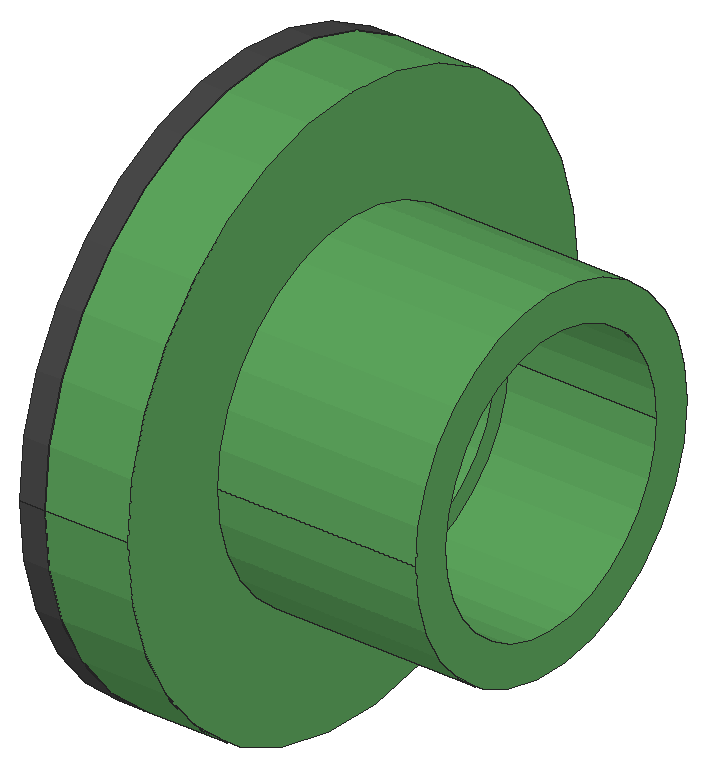
Revit family "Aquatherm_Втулка с буртиком для муфтовой сварки", category Соединительные детали трубопроводов, Revit 2019
Family settings
  Размер круглого соединителя = Использовать диаметр
  Тип детали = Соединение
  На основе рабочей плоскости = Нет
  Всегда вертикально = Да
  При загрузке вырезать с полостями = Нет
  Общий = Нет
Parameters (values of type "SDR 9")
  Материал_Корпус_2 = AquaTherm black pipe
  Материал_Корпус = AquaTherm green pipe
  z2 [instance] = size_lookup("Втулка с буртиком для муфтовой сварки", "z2", 5 mm, d)  # 3 mm
  z1 [instance] = size_lookup("Втулка с буртиком для муфтовой сварки", "z1", 5 mm, d)  # 16 mm
  URL = "www.agpipe.ru"
  SDR = 9 mm
  L [instance] = size_lookup("Втулка с буртиком для муфтовой сварки", "L", 5 mm, d)  # 34 mm
  D1 [instance] = size_lookup("Втулка с буртиком для муфтовой сварки", "D1", 5 mm, d)  # 68 mm
  D [instance] = size_lookup("Втулка с буртиком для муфтовой сварки", "D", d + 8 mm, d)  # 41 mm
  l [instance] = size_lookup("Втулка с буртиком для муфтовой сварки", "l", 20 mm, d)  # 10 mm
  d [instance] = 32 mm
  ADSK_Примечание = ""
  ADSK_Позиция [instance] = ""
  ADSK_Обозначение = ""
  ADSK_Наименование [instance] = size_lookup("Втулка с буртиком для муфтовой сварки", "ADSK_Наименование", "Нет в каталоге", d)  # "Втулка с буртиком для муфтовой сварки DN32"
  ADSK_Масса_Текст [instance] = size_lookup("Втулка с буртиком для муфтовой сварки", "ADSK_Масса_Текст", "Нет в каталоге", d)  # "0.053"
  ADSK_Код изделия [instance] = size_lookup("Втулка с буртиком для муфтовой сварки", "ADSK_Код изделия", "Нет в каталоге", d)  # "15512"
  ADSK_Завод-изготовитель = "Aquatherm"  # constant formula
  ADSK_Единица измерения = "шт."  # constant formula
Types (5, lengths in mm): name | SDR
  (no name) | 9
  SDR 6 | 6
  SDR 7.4 | 7.4
  SDR 9 | 9
  SDR 11 | 11
Reference planes
  plane 1 "По центру (Вперед/Назад)": y = 0
  plane 2: z = 0
  plane 3 "По центру (Влево/Вправо)": x = 0
  plane 4: x = -17
  plane 5: x = 17
  plane 6: x = -20
  plane 7: x = -20
  plane 8: x = -7
  plane 9: x = -1
  plane 10: y = 16
  plane 11: y = -16
Forms (mm)
  Extrusion 1, solid, material "AquaTherm green pipe" <- "Материал_Корпус"
    sketch origin (0, 0, 0) x (0, 1, 0) y (0, 0, 1)
      loop
        circle (0, 0) r 20.5
    from -7 to 17
  Extrusion 2, solid, material "AquaTherm green pipe" <- "Материал_Корпус"
    sketch origin (0, 0, 0) x (0, 1, 0) y (0, 0, 1)
      loop
        circle (0, 0) r 34
    from -17 to -7
  Extrusion 3, solid, material "AquaTherm black pipe" <- "Материал_Корпус_2"
    sketch origin (0, 0, 0) x (0, 1, 0) y (0, 0, 1)
      loop
        circle (0, 0) r 34
    from -20 to -17
  Revolve 4, void
    sketch origin (0, 0, 0) x (1, 0, 0) y (0, 1, 0)
      loop
        line (17, 16) -> (-1, 16) -> (-1, 14) -> (-20, 14) -> (-20, 0) -> (17, 0) -> (17, 16)
      axis (-20, 0) -> (17, 0)
    angle from 0 to 360
Cuts and joins
  Revolve 4 cuts Extrusion 1
  Revolve 4 cuts Extrusion 2
  Revolve 4 cuts Extrusion 3
Lines and regions (mm)
  reference lines
    curve 1: line (-17, 0, 0) -> (17, 0, 0)
Dimensions and locks
  equal spacing: plane 4, plane 3 "По центру (Влево/Вправо)", plane 5
  "z2": plane 6 to plane 4
  "L": plane 4 to plane 5
  "l": plane 4 to plane 8
  "z1": plane 4 to plane 9
  equal spacing: plane 10, plane 1 "По центру (Вперед/Назад)", plane 11
  "d": plane 10 to plane 11
  locked: plane 10 to Revolve 4 sketch curve at 2
  "D": diameter of Extrusion 1 sketch curve
  "D1": diameter of Extrusion 2 sketch curve
  "D1": diameter of Extrusion 3 sketch curve
  aligned and locked: level to plane 2
  aligned and locked: Extrusion 1 to plane 8
  aligned and locked: plane 8 to Extrusion 2
  aligned and locked: plane 4 to Extrusion 3
  aligned and locked: Extrusion 3 to plane 7
  aligned and locked: plane 5 to Revolve 4 sketch curve
  aligned and locked: plane 10 to Revolve 4 sketch curve
  aligned and locked: Revolve 4 sketch curve to plane 9
  aligned and locked: Revolve 4 sketch curve to plane 7
  aligned and locked: plane 5 to curve 1
  aligned and locked: plane 4 to curve 1
  aligned and locked: plane 1 "По центру (Вперед/Назад)" to curve 1
Automatic sketch dimensions
  Extrusion 1 sketch curve to level = 0 mm
  Extrusion 1 sketch curve to plane 1 "По центру (Вперед/Назад)" = 0 mm
  Extrusion 2 sketch curve to level = 0 mm
  Extrusion 2 sketch curve to plane 1 "По центру (Вперед/Назад)" = 0 mm
  Extrusion 3 sketch curve to level = 0 mm
  Extrusion 3 sketch curve to plane 1 "По центру (Вперед/Назад)" = 0 mm
  plane 1 "По центру (Вперед/Назад)" to Revolve 4 sketch curve = 0 mm  (x2)
  Revolve 4 sketch curve to plane 6 = 5 mm
  Revolve 4 sketch curve to Revolve 4 sketch curve = 23 mm
Connectors
  piping at (-17, 0, 0), diameter 32, driven by "d"
    settings: on curve 1, index 1, connector inside diameter 609.6 mm, connector length 0 mm, flow factor 0, pipe flow 0.0 L/s, pressure drop 0.0 Pa, fitting loss kfactor 0, connector angle 0.00°, fixture units 0, engagement length 0 mm, angle of deflection 0.00°, flow configuration 0, flow direction 0, fitting loss method 0, system type 28, joint type 0, gender type 0, connector reference index 2, connector utility 0, adjustable connector no, is connector primary yes, connector description ""
  piping at (17, 0, 0), diameter 32, driven by "d"
    settings: on curve 1, index 2, connector inside diameter 609.6 mm, connector length 0 mm, flow factor 0, pipe flow 0.0 L/s, pressure drop 0.0 Pa, fitting loss kfactor 0, connector angle 0.00°, fixture units 0, engagement length 0 mm, angle of deflection 0.00°, flow configuration 0, flow direction 0, fitting loss method 0, system type 28, joint type 0, gender type 0, connector reference index 1, connector utility 0, adjustable connector no, is connector primary no, connector description ""
